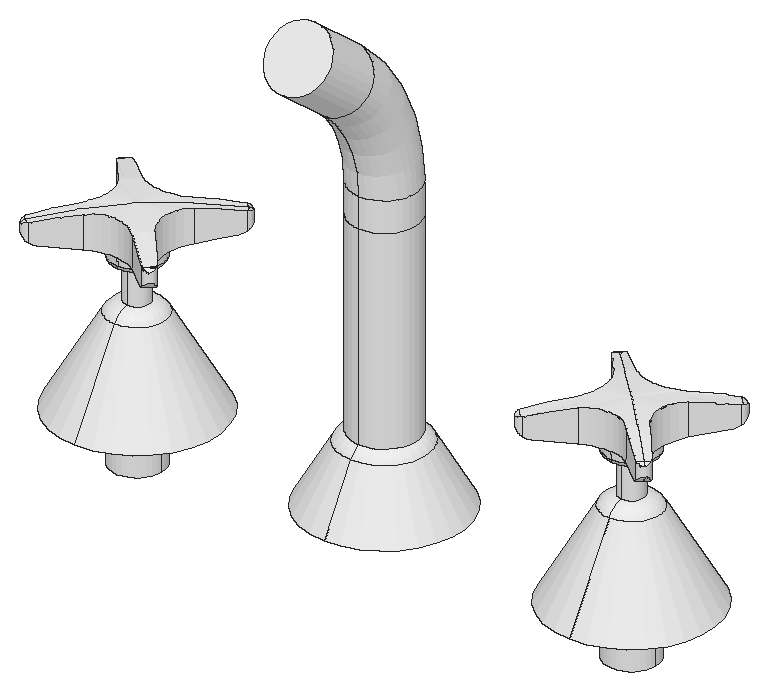
Revit family "Tap-Bath Set-Caroma Elegance II", category Plumbing Fixtures, host Face, Revit 2013
Parameters (values of type "Standard")
  Waste Connection = no
  Vent Connection = no
  URL = "http://www.caroma.com.au/"
  Type Comments = "Caroma Elegance II Bath Set"  # constant formula
  Model = "631175C"  # constant formula
  Material_ANZRS = Metal-Chrome-Caroma
  Manufacturer = "GWA Bathrooms & Kitchens"  # constant formula
  HWFU = 4  # constant formula
  HW Connection = yes
  Description = ""
  Default Elevation = 500 mm
  CreatedBy_ANZRS = "Design Content"  # constant formula
  CreatedByURL_ANZRS = "www.designcontent.com.au"
  Cost = 0
  Connector Radius = 10 mm
  CWFU = 4  # constant formula
  CW Connection = yes
  Assembly Code = "C1030210"
Reference planes
  plane 1 "Center (Front/Back)": y = 0
  plane 2: z = 0
  plane 3 "Center (Left/Right)": x = 0
  plane 4 "Hot": x = -100
  plane 5 "Cold": x = 100
Forms (mm)
  Extrusion 1, solid, material "Metal-Chrome-Caroma" <- "Material_ANZRS"
    sketch origin (-50, 0, 0) x (1, 0, 0) y (0, 1, 0)
      loop
        circle (-50, 0) r 10
    from -20 to 0
  Extrusion 2, solid, material "Metal-Chrome-Caroma" <- "Material_ANZRS"
    sketch origin (50, 0, 0) x (-1, 0, 0) y (0, -1, 0)
      loop
        circle (-50, 0) r 10
    from -20 to 0
  Revolve 3, solid, material "Metal-Chrome-Caroma" <- "Material_ANZRS"
    sketch origin (-100, -22.904, 1219.2) x (0, 1, 0) y (0, 0, 1)
      loop
        line (22.904, -1219.2) -> (54.307, -1219.2) -> (34.094, -1184.19)
        arc (34.094, -1184.19) -> (31.375, -1181.389) -> (27.654, -1180.211) r 7.986
        line (27.654, -1180.211) -> (27.654, -1165.231) -> (31.393, -1165.231)
        arc (31.393, -1165.231) -> (32.415, -1164.828) -> (32.889, -1163.837) r 1.499
        line (32.889, -1163.837) -> (33.441, -1155.935) -> (22.904, -1155.935) -> (22.904, -1219.2)
      axis (22.904, -1219.2) -> (22.904, -1155.935)
    angle from 0 to 360
  Revolve 4, solid, material "Metal-Chrome-Caroma" <- "Material_ANZRS"
    sketch origin (100, 30, 1219.2) x (0, 1, 0) y (0, 0, 1)
      loop
        line (-30, -1219.2) -> (1.404, -1219.2) -> (-18.809, -1184.19)
        arc (-18.809, -1184.19) -> (-21.528, -1181.389) -> (-25.25, -1180.211) r 7.986
        line (-25.25, -1180.211) -> (-25.25, -1165.231) -> (-21.511, -1165.231)
        arc (-21.511, -1165.231) -> (-20.488, -1164.828) -> (-20.015, -1163.837) r 1.499
        line (-20.015, -1163.837) -> (-19.462, -1155.935) -> (-30, -1155.935) -> (-30, -1219.2)
      axis (-30, -1219.2) -> (-30, -1155.935)
    angle from 0 to 360
  Revolve 5, solid, material "Metal-Chrome-Caroma" <- "Material_ANZRS"
    sketch origin (-50, 50, 7.5) x (-0.707107, -0.707107, 0) y (0, 0, 1)
      loop
        line (70.711, 50.608) -> (70.711, 66.5)
        arc (70.711, 66.5) -> (52.897, 65.564) -> (35.28, 62.767) r 170
        arc (35.28, 62.767) -> (33.687, 61.728) -> (33.203, 59.889) r 2.645
        arc (33.203, 59.889) -> (34.913, 56.303) -> (38.48, 54.551) r 6.049
        line (38.48, 54.551) -> (70.711, 50.608)
      axis (70.711, 50.608) -> (70.711, 66.5)
    angle from 0 to 360
  Extrusion 6, void
    sketch origin (0, 0, 0) x (1, 0, 0) y (0, 1, 0)
      loop
        line (-122.824, -26.357) -> (-109.787, -15.133)
        arc (-109.787, -15.133) -> (-100, -11.5) -> (-90.213, -15.133) r 15
        line (-90.213, -15.133) -> (-77.176, -26.357)
        arc (-77.176, -26.357) -> (-73.77, -26.23) -> (-73.643, -22.824) r 2.505
        line (-73.643, -22.824) -> (-84.867, -9.787)
        arc (-84.867, -9.787) -> (-88.5, 0) -> (-84.867, 9.787) r 15
        line (-84.867, 9.787) -> (-73.643, 22.824)
        arc (-73.643, 22.824) -> (-73.77, 26.23) -> (-77.176, 26.357) r 2.505
        line (-77.176, 26.357) -> (-90.213, 15.133)
        arc (-90.213, 15.133) -> (-100, 11.5) -> (-109.787, 15.133) r 15
        line (-109.787, 15.133) -> (-122.824, 26.357)
        arc (-122.824, 26.357) -> (-126.23, 26.23) -> (-126.357, 22.824) r 2.505
        line (-126.357, 22.824) -> (-115.133, 9.787)
        arc (-115.133, 9.787) -> (-111.5, 0) -> (-115.133, -9.787) r 15
        line (-115.133, -9.787) -> (-126.357, -22.824)
        arc (-126.357, -22.824) -> (-126.23, -26.23) -> (-122.824, -26.357) r 2.505
      loop
        circle (-100, 0) r 44.623
      loop
        arc (122.824, -26.357) -> (126.23, -26.23) -> (126.357, -22.824) r 2.505
        line (126.357, -22.824) -> (115.133, -9.787)
        arc (115.133, -9.787) -> (111.5, 0) -> (115.133, 9.787) r 15
        line (115.133, 9.787) -> (126.357, 22.824)
        arc (126.357, 22.824) -> (126.23, 26.23) -> (122.824, 26.357) r 2.505
        line (122.824, 26.357) -> (109.787, 15.133)
        arc (109.787, 15.133) -> (100, 11.5) -> (90.213, 15.133) r 15
        line (90.213, 15.133) -> (77.176, 26.357)
        arc (77.176, 26.357) -> (73.77, 26.23) -> (73.643, 22.824) r 2.505
        line (73.643, 22.824) -> (84.867, 9.787)
        arc (84.867, 9.787) -> (88.5, 0) -> (84.867, -9.787) r 15
        line (84.867, -9.787) -> (73.643, -22.824)
        arc (73.643, -22.824) -> (73.77, -26.23) -> (77.176, -26.357) r 2.505
        line (77.176, -26.357) -> (90.213, -15.133)
        arc (90.213, -15.133) -> (100, -11.5) -> (109.787, -15.133) r 15
        line (109.787, -15.133) -> (122.824, -26.357)
      loop
        circle (100, 0) r 44.623
    from 50 to 100
  Revolve 7, solid, material "Metal-Chrome-Caroma" <- "Material_ANZRS"
    sketch origin (50, 50, 7.5) x (0.707107, -0.707107, 0) y (0, 0, -1)
      loop
        line (70.711, -50.608) -> (38.48, -54.551)
        arc (38.48, -54.551) -> (34.913, -56.303) -> (33.203, -59.889) r 6.049
        arc (33.203, -59.889) -> (33.687, -61.728) -> (35.28, -62.767) r 2.645
        arc (35.28, -62.767) -> (52.897, -65.564) -> (70.711, -66.5) r 170
        line (70.711, -66.5) -> (70.711, -50.608)
      axis (70.711, -50.608) -> (70.711, -66.5)
    angle from 0 to 360
  Revolve 8, solid, material "Metal-Chrome-Caroma" <- "Material_ANZRS"
    sketch origin (0, 0, 0) x (0, 1, 0) y (0, 0, 1)
      loop
        line (0, 0) -> (30.288, 0) -> (16.854, 23.329)
        arc (16.854, 23.329) -> (15.077, 25.505) -> (12.7, 27) r 8.69
        line (12.7, 27) -> (12.7, 105.203) -> (0, 105.203) -> (0, 0)
      axis (0, 105.203) -> (0, 0)
    angle from 0 to 360
  Sweep 9, solid, material "Metal-Chrome-Caroma" <- "Material_ANZRS"
    path origin (0, 0, 0) x (0, 1, 0) y (0, 0, 1)
      loop
        line (-43.4, 180.327) -> (-22.824, 164.085)
        arc (-22.824, 164.085) -> (-6.007, 143.157) -> (0, 116.99) r 60
        line (0, 116.99) -> (0, 105.203)
    profile origin (0, 0, 111.097) x (1, 0, 0) y (0, 1, 0)
      loop
        circle (0, 0) r 12.7
Cuts and joins
  Extrusion 6 cuts Revolve 5
  Extrusion 6 cuts Revolve 7
  joined: Revolve 3, Revolve 4, Revolve 5, Revolve 7
Lines and regions (mm)
  Masking region 1
    outline origin (0, 0, 0) x (1, 0, 0) y (0, 1, 0)
      loop
        arc (-122.824, 26.357) -> (-126.23, 26.23) -> (-126.357, 22.824) r 2.505
        line (-126.357, 22.824) -> (-123.84, 19.901)
        arc (-123.84, 19.901) -> (-131.055, 0) -> (-123.84, -19.901) r 31.055
        line (-123.84, -19.901) -> (-126.357, -22.824)
        arc (-126.357, -22.824) -> (-126.23, -26.23) -> (-122.824, -26.357) r 2.505
        line (-122.824, -26.357) -> (-119.901, -23.84)
        arc (-119.901, -23.84) -> (-100, -31.055) -> (-80.099, -23.84) r 31.055
        line (-80.099, -23.84) -> (-77.176, -26.357)
        arc (-77.176, -26.357) -> (-73.77, -26.23) -> (-73.643, -22.824) r 2.505
        line (-73.643, -22.824) -> (-76.16, -19.901)
        arc (-76.16, -19.901) -> (-68.945, 0) -> (-76.16, 19.901) r 31.055
        line (-76.16, 19.901) -> (-73.643, 22.824)
        arc (-73.643, 22.824) -> (-73.77, 26.23) -> (-77.176, 26.357) r 2.505
        line (-77.176, 26.357) -> (-80.099, 23.84)
        arc (-80.099, 23.84) -> (-100, 31.055) -> (-119.901, 23.84) r 31.055
        line (-119.901, 23.84) -> (-122.824, 26.357)
      loop
        line (122.824, 26.357) -> (119.901, 23.84)
        arc (119.901, 23.84) -> (100, 31.055) -> (80.099, 23.84) r 31.055
        line (80.099, 23.84) -> (77.176, 26.357)
        arc (77.176, 26.357) -> (73.77, 26.23) -> (73.643, 22.824) r 2.505
        line (73.643, 22.824) -> (76.16, 19.901)
        arc (76.16, 19.901) -> (68.945, 0) -> (76.16, -19.901) r 31.055
        line (76.16, -19.901) -> (73.643, -22.824)
        arc (73.643, -22.824) -> (73.77, -26.23) -> (77.176, -26.357) r 2.505
        line (77.176, -26.357) -> (80.099, -23.84)
        arc (80.099, -23.84) -> (100, -31.055) -> (119.901, -23.84) r 31.055
        line (119.901, -23.84) -> (122.824, -26.357)
        arc (122.824, -26.357) -> (126.23, -26.23) -> (126.357, -22.824) r 2.505
        line (126.357, -22.824) -> (123.84, -19.901)
        arc (123.84, -19.901) -> (131.055, 0) -> (123.84, 19.901) r 31.055
        line (123.84, 19.901) -> (126.357, 22.824)
        arc (126.357, 22.824) -> (126.23, 26.23) -> (122.824, 26.357) r 2.505
      loop
        arc (12.7, -27.497) -> (0, 30.288) -> (-12.7, -27.497) r 30.288
        line (-12.7, -27.497) -> (-12.7, -43.4)
        spline (-12.7, -43.4) -> (-12.267, -45.437) -> (-10.999, -47.335) -> (-8.98, -48.964) -> (-6.35, -50.215) -> (-3.287, -51.001) -> (0, -51.269) -> (3.287, -51.001) -> (6.35, -50.215) -> (8.98, -48.964) -> (10.999, -47.335) -> (12.267, -45.437) -> (12.7, -43.4)
        line (12.7, -43.4) -> (12.7, -27.497)
  Masking region 2
    outline origin (0, 0, 0) x (0, 1, 0) y (0, 0, 1)
      loop
        arc (22.791, 62.02) -> (25.592, 63.497) -> (27.066, 66.299) r 5.348
        arc (27.066, 66.299) -> (27.171, 66.963) -> (27.237, 67.632) r 11.849
        arc (27.237, 67.632) -> (26.841, 69.12) -> (25.615, 70.05) r 2.37
        arc (25.615, 70.05) -> (19.219, 71.883) -> (12.7, 73.212) r 85.106
        line (12.7, 73.212) -> (12.7, 105.203) -> (12.7, 116.931)
        arc (12.7, 116.931) -> (6.325, 146.721) -> (-11.683, 171.292) r 72.788
        line (-11.683, 171.292) -> (-35.531, 190.296) -> (-51.269, 170.359) -> (-28.114, 151.907)
        arc (-28.114, 151.907) -> (-16.724, 136.042) -> (-12.7, 116.931) r 47.388
        line (-12.7, 116.931) -> (-12.7, 73.212)
        arc (-12.7, 73.212) -> (-19.219, 71.883) -> (-25.615, 70.05) r 85.106
        arc (-25.615, 70.05) -> (-26.841, 69.12) -> (-27.237, 67.632) r 2.37
        arc (-27.237, 67.632) -> (-27.171, 66.963) -> (-27.066, 66.299) r 11.849
        arc (-27.066, 66.299) -> (-25.592, 63.497) -> (-22.791, 62.02) r 5.348
        arc (-22.791, 62.02) -> (-17.743, 61.063) -> (-12.7, 60.082) r 1050.062
        line (-12.7, 60.082) -> (-12.7, 32.396) -> (-31.404, 0) -> (31.404, 0) -> (12.7, 32.396) -> (12.7, 60.082)
        arc (12.7, 60.082) -> (17.743, 61.063) -> (22.791, 62.02) r 1050.062
  Masking region 3
    outline origin (0, 0, 0) x (1, 0, 0) y (0, 0, 1)
      loop
        arc (-109.985, 55.363) -> (-109.512, 54.372) -> (-108.489, 53.969) r 1.499
        line (-108.489, 53.969) -> (-104.75, 53.969) -> (-104.75, 38.989)
        arc (-104.75, 38.989) -> (-108.472, 37.811) -> (-111.191, 35.01) r 7.986
        line (-111.191, 35.01) -> (-131.404, 0) -> (-68.596, 0) -> (-88.809, 35.01)
        arc (-88.809, 35.01) -> (-91.528, 37.811) -> (-95.25, 38.989) r 7.986
        line (-95.25, 38.989) -> (-95.25, 53.969) -> (-91.511, 53.969)
        arc (-91.511, 53.969) -> (-90.488, 54.372) -> (-90.015, 55.363) r 1.499
        line (-90.015, 55.363) -> (-89.831, 57.994)
        arc (-89.831, 57.994) -> (-89.309, 59.243) -> (-88.136, 59.917) r 2.11
        arc (-88.136, 59.917) -> (-82.675, 60.983) -> (-77.209, 62.02) r 1050.062
        arc (-77.209, 62.02) -> (-74.408, 63.497) -> (-72.934, 66.299) r 5.348
        arc (-72.934, 66.299) -> (-72.829, 66.963) -> (-72.763, 67.632) r 11.849
        arc (-72.763, 67.632) -> (-73.159, 69.12) -> (-74.385, 70.05) r 2.37
        arc (-74.385, 70.05) -> (-82.355, 72.253) -> (-90.5, 73.672) r 85.106
        arc (-90.5, 73.672) -> (-99.978, 74.4) -> (-109.456, 73.678) r 62.29
        arc (-109.456, 73.678) -> (-117.624, 72.258) -> (-125.615, 70.05) r 85.106
        arc (-125.615, 70.05) -> (-126.841, 69.12) -> (-127.237, 67.632) r 2.37
        arc (-127.237, 67.632) -> (-127.171, 66.963) -> (-127.066, 66.299) r 11.849
        arc (-127.066, 66.299) -> (-125.592, 63.497) -> (-122.791, 62.02) r 5.348
        arc (-122.791, 62.02) -> (-117.325, 60.983) -> (-111.864, 59.917) r 1050.062
        arc (-111.864, 59.917) -> (-110.691, 59.243) -> (-110.169, 57.994) r 2.11
        line (-110.169, 57.994) -> (-109.985, 55.363)
      loop
        line (109.985, 55.363) -> (110.169, 57.994)
        arc (110.169, 57.994) -> (110.691, 59.243) -> (111.864, 59.917) r 2.11
        arc (111.864, 59.917) -> (117.325, 60.983) -> (122.791, 62.02) r 1050.062
        arc (122.791, 62.02) -> (125.592, 63.497) -> (127.066, 66.299) r 5.348
        arc (127.066, 66.299) -> (127.171, 66.963) -> (127.237, 67.632) r 11.849
        arc (127.237, 67.632) -> (126.841, 69.12) -> (125.615, 70.05) r 2.37
        arc (125.615, 70.05) -> (117.624, 72.258) -> (109.456, 73.678) r 85.106
        arc (109.456, 73.678) -> (99.978, 74.4) -> (90.5, 73.672) r 62.29
        arc (90.5, 73.672) -> (82.355, 72.253) -> (74.385, 70.05) r 85.106
        arc (74.385, 70.05) -> (73.159, 69.12) -> (72.763, 67.632) r 2.37
        arc (72.763, 67.632) -> (72.829, 66.963) -> (72.934, 66.299) r 11.849
        arc (72.934, 66.299) -> (74.408, 63.497) -> (77.209, 62.02) r 5.348
        arc (77.209, 62.02) -> (82.675, 60.983) -> (88.136, 59.917) r 1050.062
        arc (88.136, 59.917) -> (89.309, 59.243) -> (89.831, 57.994) r 2.11
        line (89.831, 57.994) -> (90.015, 55.363)
        arc (90.015, 55.363) -> (90.488, 54.372) -> (91.511, 53.969) r 1.499
        line (91.511, 53.969) -> (95.25, 53.969) -> (95.25, 38.989)
        arc (95.25, 38.989) -> (91.528, 37.811) -> (88.809, 35.01) r 7.986
        line (88.809, 35.01) -> (68.596, 0) -> (131.404, 0) -> (111.191, 35.01)
        arc (111.191, 35.01) -> (108.472, 37.811) -> (104.75, 38.989) r 7.986
        line (104.75, 38.989) -> (104.75, 53.969) -> (108.489, 53.969)
        arc (108.489, 53.969) -> (109.512, 54.372) -> (109.985, 55.363) r 1.499
      loop
        spline (12.7, 180.327) -> (12.267, 182.907) -> (10.999, 185.312) -> (8.98, 187.376) -> (6.35, 188.96) -> (3.287, 189.956) -> (0, 190.296) -> (-3.287, 189.956) -> (-6.35, 188.96) -> (-8.98, 187.376) -> (-10.999, 185.312) -> (-12.267, 182.907) -> (-12.7, 180.327)
        line (-12.7, 180.327) -> (-12.7, 27)
        arc (-12.7, 27) -> (-15.077, 25.505) -> (-16.854, 23.329) r 8.69
        line (-16.854, 23.329) -> (-30.288, 0) -> (0, 0) -> (30.288, 0) -> (16.854, 23.329)
        arc (16.854, 23.329) -> (15.077, 25.505) -> (12.7, 27) r 8.69
        line (12.7, 27) -> (12.7, 180.327)
  symbolic lines
    curve 1: arc (-109.787, 15.133, 0) -> (-100, 11.5, 0) -> (-90.213, 15.133, 0) r 15
    curve 2: line (-122.824, 26.357, 0) -> (-109.787, 15.133, 0)
    curve 3: line (-90.213, 15.133, 0) -> (-77.176, 26.357, 0)
    curve 4: line (-73.643, 22.824, 0) -> (-84.867, 9.787, 0)
    curve 5: arc (-84.867, 9.787, 0) -> (-88.5, 0, 0) -> (-84.867, -9.787, 0) r 15
    curve 6: line (-84.867, -9.787, 0) -> (-73.643, -22.824, 0)
    curve 7: line (-77.176, -26.357, 0) -> (-90.213, -15.133, 0)
    curve 8: arc (-90.213, -15.133, 0) -> (-100, -11.5, 0) -> (-109.787, -15.133, 0) r 15
    curve 9: line (-109.787, -15.133, 0) -> (-122.824, -26.357, 0)
    curve 10: line (-126.357, -22.824, 0) -> (-115.133, -9.787, 0)
    curve 11: arc (-115.133, -9.787, 0) -> (-111.5, 0, 0) -> (-115.133, 9.787, 0) r 15
    curve 12: line (-115.133, 9.787, 0) -> (-126.357, 22.824, 0)
    curve 13: line (90.213, 15.133, 0) -> (77.176, 26.357, 0)
    curve 14: line (73.643, 22.824, 0) -> (84.867, 9.787, 0)
    curve 15: arc (84.867, 9.787, 0) -> (88.5, 0, 0) -> (84.867, -9.787, 0) r 15
    curve 16: line (84.867, -9.787, 0) -> (73.643, -22.824, 0)
    curve 17: line (77.176, -26.357, 0) -> (90.213, -15.133, 0)
    curve 18: arc (90.213, -15.133, 0) -> (100, -11.5, 0) -> (109.787, -15.133, 0) r 15
    curve 19: line (109.787, -15.133, 0) -> (122.824, -26.357, 0)
    curve 20: line (126.357, -22.824, 0) -> (115.133, -9.787, 0)
    curve 21: arc (115.133, -9.787, 0) -> (111.5, 0, 0) -> (115.133, 9.787, 0) r 15
    curve 22: line (115.133, 9.787, 0) -> (126.357, 22.824, 0)
    curve 23: arc (109.787, 15.133, 0) -> (100, 11.5, 0) -> (90.213, 15.133, 0) r 15
    curve 24: line (122.824, 26.357, 0) -> (109.787, 15.133, 0)
    curve 25: line (0, 8.489, 53.969) -> (0, -8.489, 53.969)
    curve 26: line (0, -4.75, 53.969) -> (0, -4.75, 38.989)
    curve 27: line (0, 4.75, 53.969) -> (0, 4.75, 38.989)
    curve 28: arc (0, 8.489, 53.969) -> (0, 9.512, 54.372) -> (0, 9.985, 55.363) r 1.499
    curve 29: arc (0, -9.985, 55.363) -> (0, -9.512, 54.372) -> (0, -8.489, 53.969) r 1.499
    curve 30: line (-104.75, 0, 38.989) -> (-95.263, 0, 38.989)
    curve 31: line (-104.75, 0, 53.969) -> (-95.25, 0, 53.969)
    curve 32: line (95.25, 0, 53.969) -> (104.75, 0, 53.969)
    curve 33: line (95.25, 0, 38.989) -> (104.75, 0, 38.989)
    curve 34: line (0, 4.75, 38.989) -> (0, -4.75, 38.989)
    curve 35: line (0, 12.7, 32.396) -> (0, 11.047, 35.259)
    curve 36: line (0, 9.985, 55.363) -> (0, 10.163, 57.915)
    curve 37: arc (0, 11.943, 59.933) -> (0, 17.364, 60.99) -> (0, 22.791, 62.02) r 1050.062
    curve 38: arc (0, 10.163, 57.915) -> (0, 10.712, 59.225) -> (0, 11.943, 59.933) r 2.215
    curve 39: arc (0, 11.047, 35.259) -> (0, 8.387, 37.949) -> (0, 4.75, 38.989) r 7.464
    curve 40: line (0, -12.7, 32.396) -> (0, -11.047, 35.259)
    curve 41: line (0, -9.985, 55.363) -> (0, -10.163, 57.915)
    curve 42: arc (0, -11.943, 59.933) -> (0, -17.364, 60.99) -> (0, -22.791, 62.02) r 1050.062
    curve 43: arc (0, -10.163, 57.915) -> (0, -10.712, 59.225) -> (0, -11.943, 59.933) r 2.215
    curve 44: arc (0, -11.047, 35.259) -> (0, -8.387, 37.949) -> (0, -4.75, 38.989) r 7.464
    curve 45: arc (0, 12.7, 73.212) -> (0, 0, 74.01) -> (0, -12.7, 73.212) r 101.439
    curve 46: line (12.7, 0, 27) -> (-12.7, 0, 27)
    curve 47: spline (0, -35.531, 0) -> (-3.287, -35.8, 0) -> (-6.35, -36.586, 0) -> (-8.98, -37.836, 0) -> (-10.999, -39.466, 0) -> (-12.267, -41.364, 0) -> (-12.7, -43.4, 0) -> (-12.267, -45.437, 0) -> (-10.999, -47.335, 0) -> (-8.98, -48.964, 0) -> (-6.35, -50.215, 0) -> (-3.287, -51.001, 0) -> (0, -51.269, 0)
    curve 48: spline (0, -51.269, 0) -> (3.287, -51.001, 0) -> (6.35, -50.215, 0) -> (8.98, -48.964, 0) -> (10.999, -47.335, 0) -> (12.267, -45.437, 0) -> (12.7, -43.4, 0) -> (12.267, -41.364, 0) -> (10.999, -39.466, 0) -> (8.98, -37.836, 0) -> (6.35, -36.586, 0) -> (3.287, -35.8, 0) -> (0, -35.531, 0)
    curve 49: arc (12.7, 0, 0) -> (0, 12.7, 0) -> (-12.7, 0, 0) r 12.7
    curve 50: line (-12.7, 0, 0) -> (-12.7, -43.4, 0)
    curve 51: line (12.7, 0, 0) -> (12.7, -43.4, 0)
Dimensions and locks
  aligned and locked: plane 2 to host face
  aligned and locked: level to host face
Connectors
  piping at (-100, 0, -20), driven by "Connector Radius", driven by "HWFU"
    settings: on Extrusion 1, index 1, connector radius 0.3937", flow factor 0, pipe flow 0 GPM, pressure drop 0.00 psi, fitting loss kfactor 0, connector angle 0.00°, fixture units 4, engagement length 0 mm, flow configuration 3, flow direction 1, fitting loss method 1, system type 19, joint type 0, gender type 0, connector reference index -1, connector utility 0, adjustable connector no, is connector primary yes, fitting loss table "Inward Projecting Pipe", connector description "Hot"
  piping at (100, 0, -20), driven by "Connector Radius", driven by "CWFU"
    settings: on Extrusion 2, index 2, connector radius 0.3937", flow factor 0, pipe flow 0 GPM, pressure drop 0.00 psi, fitting loss kfactor 0, connector angle 0.00°, fixture units 4, engagement length 0 mm, flow configuration 3, flow direction 1, fitting loss method 1, system type 20, joint type 0, gender type 0, connector reference index -1, connector utility 0, adjustable connector no, is connector primary no, fitting loss table "Inward Projecting Pipe", connector description "Cold Water Inlet"
